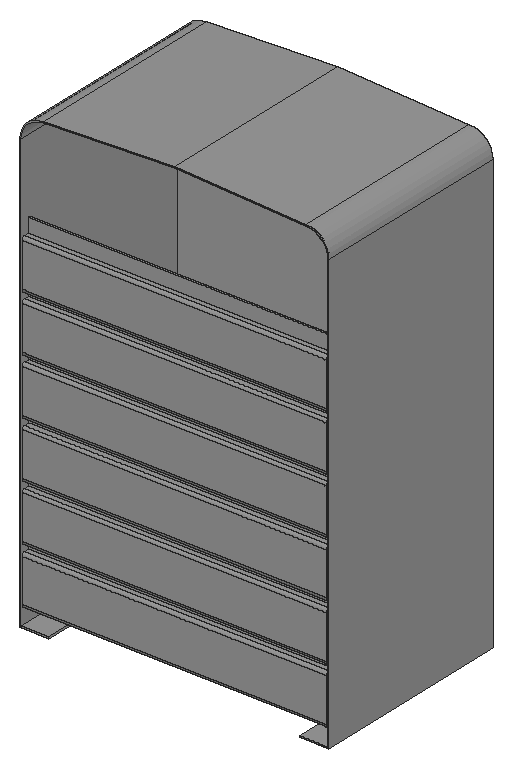
Revit family "Урна стальная «Новичок» Арт 12246", category Антураж, Revit 2018
Family settings
  На основе рабочей плоскости = Нет
  Всегда вертикально = Да
  При загрузке вырезать с полостями = Нет
  Источник визуального образа = Геометрия семейства
  Общий = Нет
  Точка расчета площади = Нет
Parameters (values of type "Урна стальная «Новичок». Объем 60 л")
  Ширина = 350 mm  # constant formula
  Цвет отделки = Дерево
  Цвет каркаса = Сталь
  Описание = "Урна стальная «Новичок». Объем 60 л"  # constant formula
  Материал изделия = "Сталь, дерево"  # constant formula
  Изображение типоразмера = Урна стальная «Новичок» Арт 12246.jpg
  Изготовитель = "ООО «Хоббика»"  # constant formula
  Длина = 530 mm  # constant formula
  Группа модели = "Уличные урны"  # constant formula
  Высота = 800 mm  # constant formula
  Артикул товара = "Арт. 12246"  # constant formula
  URL = "https://hobbyka.ru/product/urna_stalnaya_novichok/"
Reference planes
  plane 1 "По центру (Вперед/Назад)": y = 0
  plane 2: z = 0
  plane 3 "По центру (Влево/Вправо)": x = 0
  plane 4: y = 350
  plane 5: x = 530
  plane 6: z = 800
  plane 7: z = 600
  plane 8: z = 30
Forms (mm)
  Extrusion 1, solid, material "Сталь" <- "Цвет каркаса"
    sketch origin (0, 0, 0) x (1, 0, 0) y (0, 0, 1)
      loop
        line (0, 750) -> (0, 0) -> (50, 0) -> (50, 2) -> (2, 2) -> (2, 750)
        arc (2, 750) -> (13.145, 776.886) -> (40.044, 788) r 38
        line (40.044, 788) -> (265, 797.998) -> (489.956, 788)
        arc (489.956, 788) -> (516.855, 776.886) -> (528, 750) r 38
        line (528, 750) -> (528, 2) -> (480, 2) -> (480, 0) -> (530, 0) -> (530, 750)
        arc (530, 750) -> (518.284, 778.284) -> (490, 790) r 40
        line (490, 790) -> (265, 800) -> (40, 790)
        arc (40, 790) -> (11.716, 778.284) -> (0, 750) r 40
    from 0 to -350
  Extrusion 2, solid, material "Дерево" <- "Цвет отделки"
    sketch origin (0, 350, 0) x (0, 1, 0) y (0, 0, 1)
      loop
        line (-345, 30) -> (-335, 30) -> (-335, 115) -> (-345, 115)
        arc (-345, 115) -> (-348.536, 113.536) -> (-350, 110) r 5
        line (-350, 110) -> (-350, 35)
        arc (-350, 35) -> (-348.536, 31.464) -> (-345, 30) r 5
    from 4 to 526
  Extrusion 3, solid, material "Дерево" <- "Цвет отделки"
    sketch origin (0, 350, 485) x (0, 1, 0) y (0, 0, 1)
      loop
        line (-345, 30) -> (-335, 30) -> (-335, 115) -> (-345, 115)
        arc (-345, 115) -> (-348.536, 113.536) -> (-350, 110) r 5
        line (-350, 110) -> (-350, 35)
        arc (-350, 35) -> (-348.536, 31.464) -> (-345, 30) r 5
    from 4 to 526
  Extrusion 4, solid, material "Дерево" <- "Цвет отделки"
    sketch origin (0, 350, 97) x (0, 1, 0) y (0, 0, 1)
      loop
        line (-345, 30) -> (-335, 30) -> (-335, 115) -> (-345, 115)
        arc (-345, 115) -> (-348.536, 113.536) -> (-350, 110) r 5
        line (-350, 110) -> (-350, 35)
        arc (-350, 35) -> (-348.536, 31.464) -> (-345, 30) r 5
    from 4 to 526
  Extrusion 5, solid, material "Дерево" <- "Цвет отделки"
    sketch origin (0, 350, 194) x (0, 1, 0) y (0, 0, 1)
      loop
        line (-345, 30) -> (-335, 30) -> (-335, 115) -> (-345, 115)
        arc (-345, 115) -> (-348.536, 113.536) -> (-350, 110) r 5
        line (-350, 110) -> (-350, 35)
        arc (-350, 35) -> (-348.536, 31.464) -> (-345, 30) r 5
    from 4 to 526
  Extrusion 6, solid, material "Дерево" <- "Цвет отделки"
    sketch origin (0, 350, 291) x (0, 1, 0) y (0, 0, 1)
      loop
        line (-345, 30) -> (-335, 30) -> (-335, 115) -> (-345, 115)
        arc (-345, 115) -> (-348.536, 113.536) -> (-350, 110) r 5
        line (-350, 110) -> (-350, 35)
        arc (-350, 35) -> (-348.536, 31.464) -> (-345, 30) r 5
    from 4 to 526
  Extrusion 7, solid, material "Дерево" <- "Цвет отделки"
    sketch origin (0, 0, 388) x (0, 1, 0) y (0, 0, 1)
      loop
        line (5, 30) -> (15, 30) -> (15, 115) -> (5, 115)
        arc (5, 115) -> (1.464, 113.536) -> (0, 110) r 5
        line (0, 110) -> (0, 35)
        arc (0, 35) -> (1.464, 31.464) -> (5, 30) r 5
    from 4 to 526
  Extrusion 8, solid, material "Сталь" <- "Цвет каркаса"
    sketch origin (0, 0, 0) x (0, 1, 0) y (0, 0, 1)
      loop
        line (15, 30) -> (17, 30) -> (17, 625) -> (15, 625) -> (15, 30)
    from 2 to 528
  Extrusion 9, solid, material "Сталь" <- "Цвет каркаса"
    sketch origin (0, 350, 0) x (1, 0, 0) y (0, 0, -1)
      loop
        arc (0, -750) -> (11.716, -778.284) -> (40, -790) r 40
        line (40, -790) -> (265, -800) -> (490, -790)
        arc (490, -790) -> (518.284, -778.284) -> (530, -750) r 40
        line (530, -750) -> (530, 0) -> (480, 0) -> (480, -2) -> (528, -2) -> (528, -750)
        arc (528, -750) -> (516.855, -776.886) -> (489.956, -788) r 38
        line (489.956, -788) -> (265, -797.998) -> (40.044, -788)
        arc (40.044, -788) -> (13.145, -776.886) -> (2, -750) r 38
        line (2, -750) -> (2, -2) -> (50, -2) -> (50, 0) -> (0, 0) -> (0, -750)
    from 0 to -350
  Extrusion 10, solid, material "Дерево" <- "Цвет отделки"
    sketch origin (0, 0, 0) x (0, 1, 0) y (0, 0, 1)
      loop
        arc (345, 30) -> (348.536, 31.464) -> (350, 35) r 5
        line (350, 35) -> (350, 110)
        arc (350, 110) -> (348.536, 113.536) -> (345, 115) r 5
        line (345, 115) -> (335, 115) -> (335, 30) -> (345, 30)
    from 4 to 526
  Extrusion 11, solid, material "Дерево" <- "Цвет отделки"
    sketch origin (0, 0, 485) x (0, 1, 0) y (0, 0, 1)
      loop
        arc (345, 30) -> (348.536, 31.464) -> (350, 35) r 5
        line (350, 35) -> (350, 110)
        arc (350, 110) -> (348.536, 113.536) -> (345, 115) r 5
        line (345, 115) -> (335, 115) -> (335, 30) -> (345, 30)
    from 4 to 526
  Extrusion 12, solid, material "Дерево" <- "Цвет отделки"
    sketch origin (0, 0, 97) x (0, 1, 0) y (0, 0, 1)
      loop
        arc (345, 30) -> (348.536, 31.464) -> (350, 35) r 5
        line (350, 35) -> (350, 110)
        arc (350, 110) -> (348.536, 113.536) -> (345, 115) r 5
        line (345, 115) -> (335, 115) -> (335, 30) -> (345, 30)
    from 4 to 526
  Extrusion 13, solid, material "Дерево" <- "Цвет отделки"
    sketch origin (0, 0, 194) x (0, 1, 0) y (0, 0, 1)
      loop
        arc (345, 30) -> (348.536, 31.464) -> (350, 35) r 5
        line (350, 35) -> (350, 110)
        arc (350, 110) -> (348.536, 113.536) -> (345, 115) r 5
        line (345, 115) -> (335, 115) -> (335, 30) -> (345, 30)
    from 4 to 526
  Extrusion 14, solid, material "Дерево" <- "Цвет отделки"
    sketch origin (0, 0, 291) x (0, 1, 0) y (0, 0, 1)
      loop
        arc (345, 30) -> (348.536, 31.464) -> (350, 35) r 5
        line (350, 35) -> (350, 110)
        arc (350, 110) -> (348.536, 113.536) -> (345, 115) r 5
        line (345, 115) -> (335, 115) -> (335, 30) -> (345, 30)
    from 4 to 526
  Extrusion 15, solid, material "Дерево" <- "Цвет отделки"
    sketch origin (0, 0, 388) x (0, 1, 0) y (0, 0, 1)
      loop
        arc (345, 30) -> (348.536, 31.464) -> (350, 35) r 5
        line (350, 35) -> (350, 110)
        arc (350, 110) -> (348.536, 113.536) -> (345, 115) r 5
        line (345, 115) -> (335, 115) -> (335, 30) -> (345, 30)
    from 4 to 526
  Extrusion 16, solid, material "Сталь" <- "Цвет каркаса"
    sketch origin (0, 350, 0) x (0, -1, 0) y (0, 0, -1)
      loop
        line (15, -30) -> (15, -625) -> (17, -625) -> (17, -30) -> (15, -30)
    from 2 to 528
Lines and regions (mm)
  symbolic lines
    curve 1: line (0, 350, 940) -> (0, 0, 940)
    curve 2: line (0, 175, 940) -> (0, 175, 1080)
Dimensions and locks
  "Ширина": plane 4 to plane 1 "По центру (Вперед/Назад)"
  "Длина": plane 3 "По центру (Влево/Вправо)" to plane 5
  "Высота": plane 6 to plane 2
  plane 8 to plane 7 = 570 mm
  equal spacing: group 1, group 3, group 4, group 5, group 6, group 2  (x3)
  aligned and locked: level to plane 2
Automatic sketch dimensions
  Extrusion 2 sketch curve to Extrusion 2 sketch curve = 5 mm  (x2)
  Extrusion 2 sketch curve to Extrusion 2 sketch curve = 10 mm
  Extrusion 2 sketch curve to Extrusion 2 sketch curve = 75 mm
  Extrusion 3 sketch curve to Extrusion 3 sketch curve = 5 mm  (x2)
  Extrusion 3 sketch curve to Extrusion 3 sketch curve = 10 mm
  Extrusion 3 sketch curve to Extrusion 3 sketch curve = 75 mm
  Extrusion 4 sketch curve to Extrusion 4 sketch curve = 5 mm  (x2)
  Extrusion 4 sketch curve to Extrusion 4 sketch curve = 10 mm
  Extrusion 4 sketch curve to Extrusion 4 sketch curve = 75 mm
  Extrusion 5 sketch curve to Extrusion 5 sketch curve = 5 mm  (x2)
  Extrusion 5 sketch curve to Extrusion 5 sketch curve = 10 mm
  Extrusion 5 sketch curve to Extrusion 5 sketch curve = 75 mm
  Extrusion 6 sketch curve to Extrusion 6 sketch curve = 5 mm  (x2)
  Extrusion 6 sketch curve to Extrusion 6 sketch curve = 10 mm
  Extrusion 6 sketch curve to Extrusion 6 sketch curve = 75 mm
  Extrusion 7 sketch curve to Extrusion 7 sketch curve = 5 mm  (x2)
  Extrusion 7 sketch curve to Extrusion 7 sketch curve = 10 mm
  Extrusion 7 sketch curve to Extrusion 7 sketch curve = 75 mm
  Extrusion 10 sketch curve to Extrusion 10 sketch curve = 5 mm  (x2)
  Extrusion 10 sketch curve to Extrusion 10 sketch curve = 10 mm
  Extrusion 10 sketch curve to Extrusion 10 sketch curve = 75 mm
  Extrusion 11 sketch curve to Extrusion 11 sketch curve = 5 mm  (x2)
  Extrusion 11 sketch curve to Extrusion 11 sketch curve = 10 mm
  Extrusion 11 sketch curve to Extrusion 11 sketch curve = 75 mm
  Extrusion 12 sketch curve to Extrusion 12 sketch curve = 5 mm  (x2)
  Extrusion 12 sketch curve to Extrusion 12 sketch curve = 10 mm
  Extrusion 12 sketch curve to Extrusion 12 sketch curve = 75 mm
  Extrusion 13 sketch curve to Extrusion 13 sketch curve = 5 mm  (x2)
  Extrusion 13 sketch curve to Extrusion 13 sketch curve = 10 mm
  Extrusion 13 sketch curve to Extrusion 13 sketch curve = 75 mm
  Extrusion 14 sketch curve to Extrusion 14 sketch curve = 5 mm  (x2)
  Extrusion 14 sketch curve to Extrusion 14 sketch curve = 10 mm
  Extrusion 14 sketch curve to Extrusion 14 sketch curve = 75 mm
  Extrusion 15 sketch curve to Extrusion 15 sketch curve = 5 mm  (x2)
  Extrusion 15 sketch curve to Extrusion 15 sketch curve = 10 mm
  Extrusion 15 sketch curve to Extrusion 15 sketch curve = 75 mm
  curve 1 to plane 1 "По центру (Вперед/Назад)" = 0 mm
  curve 1 to plane 4 = 0 mm
  plane 6 to curve 1 = 140 mm
  curve 2 to plane 1 "По центру (Вперед/Назад)" = 175 mm
  curve 2 to curve 2 = 140 mm
  Extrusion 1 sketch curve to Extrusion 1 sketch curve = 0 mm  (x5)
  Extrusion 1 sketch curve to plane 3 "По центру (Влево/Вправо)" = 0 mm
  Extrusion 1 sketch curve to level = 0 mm  (x2)
  Extrusion 1 sketch curve to plane 6 = 0 mm
  Extrusion 1 sketch curve to plane 5 = 0 mm
  plane 3 "По центру (Влево/Вправо)" to Extrusion 1 sketch curve = 2 mm
  Extrusion 1 sketch curve to Extrusion 1 sketch curve = 38 mm
  Extrusion 1 sketch curve to plane 6 = 12 mm  (x2)
  Extrusion 1 sketch curve to Extrusion 1 sketch curve = 0.044 mm  (x2)
  level to Extrusion 1 sketch curve = 2 mm  (x2)
  Extrusion 1 sketch curve to Extrusion 1 sketch curve = 48 mm
  Extrusion 1 sketch curve to Extrusion 1 sketch curve = 225 mm
  Extrusion 1 sketch curve to plane 6 = 2.002 mm
  Extrusion 1 sketch curve to Extrusion 1 sketch curve = 50 mm
  Extrusion 1 sketch curve to plane 5 = 40.044 mm
  Extrusion 1 sketch curve to plane 5 = 2 mm
  plane 8 to Extrusion 8 sketch curve = 0 mm
  Extrusion 8 sketch curve to plane 1 "По центру (Вперед/Назад)" = 15 mm
  Extrusion 8 sketch curve to Extrusion 8 sketch curve = 2 mm
  Extrusion 8 sketch curve to plane 7 = 25 mm
  Extrusion 9 sketch curve to Extrusion 9 sketch curve = 0 mm  (x5)
  Extrusion 9 sketch curve to plane 3 "По центру (Влево/Вправо)" = 0 mm
  Extrusion 9 sketch curve to level = 0 mm  (x2)
  Extrusion 9 sketch curve to plane 6 = 0 mm
  Extrusion 9 sketch curve to plane 5 = 0 mm
  plane 3 "По центру (Влево/Вправо)" to Extrusion 9 sketch curve = 2 mm
  Extrusion 9 sketch curve to Extrusion 9 sketch curve = 38 mm
  Extrusion 9 sketch curve to plane 6 = 12 mm  (x2)
  Extrusion 9 sketch curve to Extrusion 9 sketch curve = 0.044 mm  (x2)
  level to Extrusion 9 sketch curve = 2 mm  (x2)
  Extrusion 9 sketch curve to Extrusion 9 sketch curve = 48 mm
  Extrusion 9 sketch curve to Extrusion 9 sketch curve = 225 mm
  Extrusion 9 sketch curve to plane 6 = 2.002 mm
  Extrusion 9 sketch curve to Extrusion 9 sketch curve = 50 mm
  Extrusion 9 sketch curve to plane 5 = 40.044 mm
  Extrusion 9 sketch curve to plane 5 = 2 mm
  plane 8 to Extrusion 16 sketch curve = 0 mm
  plane 4 to Extrusion 16 sketch curve = 15 mm
  Extrusion 16 sketch curve to Extrusion 16 sketch curve = 2 mm
  plane 7 to Extrusion 16 sketch curve = 25 mm
